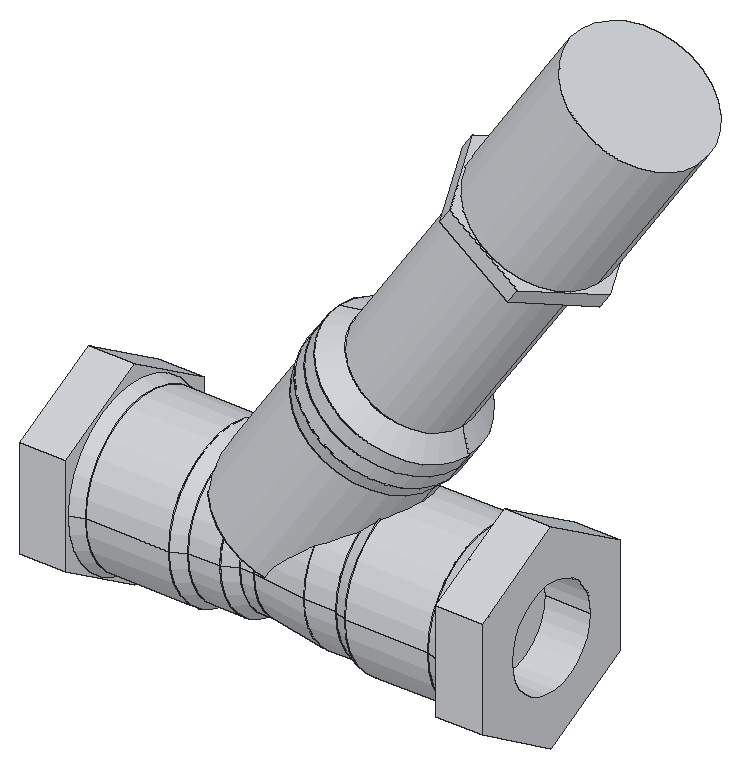
Revit family "DPRV_DN015_RFA_2018", category Pipe Accessories, Revit 2018
Family settings
  Round Connector Dimension = Use Diameter
  Part Type = Valve - Breaks Into
  Work Plane-Based = No
  Always vertical = Yes
  Cut with Voids When Loaded = No
  Shared = No
Parameters (values of type "DPRV-DN15")
  magiProductId = "0a1695ce379549c5bda4e9817c8a32"
  magiProductFamilyId = "2368235d042246b783f613dde97580"
  magiPartTypeId = 304
  isMeasuringValve [instance] = no
  ang2D [instance] = 0.00°
  Z1 = 26.012 mm
  Y6 = 12.75 mm
  Y5 = 11 mm
  Y3 = 12 mm
  Y15 = 10.71 mm
  Y14 = 12.6 mm
  Y12 = 9.1 mm
  Y11 = 11.9 mm
  Y10 = 11.2 mm
  Y0 = 9.9 mm
  XT0 = 8 mm
  X7 = 4.9 mm
  X6__ve = -X6  # -12.6 mm
  X6 = 12.6 mm
  X3 = 2.1 mm
  X1__ve = -X1  # -7 mm
  X1 = 7 mm
  X0 = 35 mm
  W2D = 15 mm
  VersionID = "2.0/2018.12.13.2/FRESE_DPRV_001"
  Use Minimum Symbol Size [instance] = no
  URL = "www.hydronix.cz"
  Type Comments = "závitový s vnitřním závitem; PN25; dpmax=600kPa; -20~+120°C"
  QmdConnectorList = "301;D;302;D"
  Productdata [instance] = ""
  Manufacturer = "Hydronix"
  MC Use Limits From Balancing Method = no
  MC Throttling Minimum Value = 0
  MC Throttling Maximum Value = 0
  MC Product Code = "48-0075; DN15 FF; nastavitelný rozsah 10-60kPa; kvs=3,5"
  MC Pressure Drop Minimum Value = 0.0 Pa
  MC Pressure Drop Maximum Value = 0.0 Pa
  MC Piping Given Pressure Drop [instance] = 0.0 Pa
  L3 = 15 mm
  L2D_Min = 30.48 mm
  L2D = 70 mm
  H6 = 31.012 mm
  H5 = 2.601 mm
  H2 = 21.677 mm
  Description = "Nastavitelný přepouštěcí ventil"
  DT2 = 7.5 mm
  D = 15 mm
  CenSd_Y14_6 = Y14 * cos(30.00°)  # 10.912 mm
  CenSd_L3_6 = L3 * cos(30.00°)  # 12.99 mm
  AA3 = 2.941 mm
  AA2 = 5.127 mm
Types (4, lengths in mm): name | magiProductId | Z1 | Y6 | Y5 | Y3 | Y15 | Y14 | Y12 | Y11 | Y10 | Y0 | X7 | X6__ve | X6 | X3 | X1__ve | X1 | X0 | MC Product Code | L3 | H6 | H5 | H2 | DT2 | D | CenSd_Y14_6 | CenSd_L3_6 | AA3 | AA2
  DPRV-DN15 | "0a1695ce379549c5bda4e9817c8a32" | 26.012 | 12.75 | 11 | 12 | 10.71 | 12.6 | 9.1 | 11.9 | 11.2 | 9.9 | 4.9 | -12.6 | 12.6 | 2.1 | -7 | 7 | 35 | "48-0075; DN15 FF; nastavitelný rozsah 10-60kPa; kvs=3,5" | 15 | 31.012 | 2.601 | 21.677 | 7.5 | 15 | 10.912 | 12.99 | 2.941 | 5.127
  DPRV-DN20 | "7bf90d6895024d90850a4e7c13d0c4" | 26.304 | 15.3 | 13.4 | 14.4 | 11.934 | 14.04 | 10.14 | 13.26 | 12.48 | 12.06 | 5.46 | -14.04 | 14.04 | 2.34 | -7.8 | 7.8 | 39 | "48-0076; DN20 FF; nastavitelný rozsah 10-60kPa; kvs=3,7" | 18 | 31.304 | 2.63 | 21.92 | 10 | 20 | 12.159 | 15.588 | 3.081 | 5.371
  DPRV-DN25 | "8f5d2c47d0804d84a9ee1a0f7163ce" | 28.345 | 19.55 | 17.4 | 18.4 | 13.311 | 15.66 | 11.31 | 14.79 | 13.92 | 15.66 | 6.09 | -15.66 | 15.66 | 2.61 | -8.7 | 8.7 | 43.5 | "48-0077; DN25 FF; nastavitelný rozsah 10-60kPa; kvs=8,3" | 23 | 33.345 | 2.835 | 23.621 | 12.5 | 25 | 13.562 | 19.919 | 3.991 | 6.958
  DPRV-DN32 | "4b273c145a0a4466be66f0b82dd13f" | 28.27 | 23.8 | 21.4 | 22.4 | 15.759 | 18.54 | 13.39 | 17.51 | 16.48 | 19.26 | 7.21 | -18.54 | 18.54 | 3.09 | -10.3 | 10.3 | 51.5 | "48-0078; DN32 FF; nastavitelný rozsah 10-60kPa; kvs=10,5" | 28 | 33.27 | 2.827 | 23.558 | 16 | 32 | 16.056 | 24.249 | 4.131 | 7.203
Reference planes
  plane 1 "Center (Front/Back)": y = 0
  plane 2 "XYPLANE": z = 0
  plane 3 "Center (Left/Right)": x = 0
  plane 4 "733": through (-616.051, 0, 427.773) normal (0.5736, 0, 0.8192)
  plane 5 "722": through (-614.364, 0, 430.182) normal (0.5736, 0, 0.8192)
  plane 6 "680": through (-595.963, 0, 456.462) normal (0.5736, 0, 0.8192)
  plane 7 "673": through (-576.683, 0, 483.997) normal (0.5736, 0, 0.8192)
  plane 8 "667": x = 6.3
  plane 9 "666": x = -2.1
  plane 10 "664": x = -4.2
  plane 11 "662": x = -6.3
  plane 12 "540": through (-598.947, 0, 452.201) normal (0.5736, 0, 0.8192)
  plane 13 "539": through (-578.175, 0, 481.866) normal (0.5736, 0, 0.8192)
  plane 14 "535": through (-597.455, 0, 454.331) normal (0.5736, 0, 0.8192)
  plane 15 "531": through (-600.439, 0, 450.07) normal (0.5736, 0, 0.8192)
  plane 16 "528": through (-601.931, 0, 447.939) normal (0.5736, 0, 0.8192)
  plane 17 "512": y = 0
  plane 18 "510": through (425.982, 0, 617.305) normal (0.8192, 0, -0.5736)
  plane 19 "369": x = 11.2
  plane 20 "367": x = 13.3
  plane 21 "366": x = 28
  plane 22 "365": x = 25.9
  plane 23 "354": x = -11.2
  plane 24 "54": x = -13.3
  plane 25 "49": x = -25.9
  plane 26 "18": x = -28
  plane 27 "8": x = 35
  plane 28 "7": x = -35
  plane 29 "3": z = 0
  plane 30 "2": y = 0
  plane 31 "507XY": through (-614.364, 0, 430.182) normal (0.5736, 0, 0.8192)
  plane 32 "507XZ": y = 0
  plane 33 "507YZ": through (430.182, 0, 614.364) normal (0.8192, 0, -0.5736)
Forms (mm)
  Extrusion 1, solid
    sketch origin (-576.683, 0, 483.997) x (0.819152, 0, -0.573576) y (0, 1, 0)
      loop
        circle (744.873, 0) r 10.71
    from 0 to 26.012 <- "Z1"
  Extrusion 2, solid
    sketch origin (-578.175, 0, 481.866) x (0.819152, 0, -0.573576) y (0, 1, 0)
      loop
        line (757.473, 0) -> (751.173, 10.912) -> (738.573, 10.912) -> (732.273, 0) -> (738.573, -10.912) -> (751.173, -10.912) -> (757.473, 0)
    from 0 to 2.601 <- "H5"
  Blend 3, solid
    base sketch origin (-597.455, 0, 454.331) x (0.819152, 0, -0.573576) y (0, 1, 0)
      loop
        circle (744.873, 0) r 11.9
    top sketch origin (-597.455, 0, 454.331) x (0.819152, 0, -0.573576) y (0, 1, 0)
      loop
        circle (744.873, 0) r 9.1
    from 0 to 2.601
  Blend 4, solid
    base sketch origin (-601.931, 0, 447.939) x (0.819152, 0, -0.573576) y (0, 1, 0)
      loop
        circle (744.873, 0) r 11.2
    top sketch origin (-601.931, 0, 447.939) x (0.819152, 0, -0.573576) y (0, 1, 0)
      loop
        circle (744.873, 0) r 11.9
    from 0 to 2.601
  Blend 5, solid
    base sketch origin (-2.1, -750, 0) x (0, 1, 0) y (0, 0, 1)
      loop
        circle (750, 0) r 9.9
    top sketch origin (-2.1, -750, 0) x (0, 1, 0) y (0, 0, 1)
      loop
        circle (750, 0) r 11
    from 0 to 8.4
  Extrusion 6, solid
    sketch origin (-4.2, -750, 0) x (0, 1, 0) y (0, 0, 1)
      loop
        circle (750, 0) r 9.9
    from 0 to 2.1 <- "X3"
  Blend 7, solid
    base sketch origin (-6.3, -750, 0) x (0, 1, 0) y (0, 0, 1)
      loop
        circle (750, 0) r 11
    top sketch origin (-6.3, -750, 0) x (0, 1, 0) y (0, 0, 1)
      loop
        circle (750, 0) r 9.9
    from 0 to 2.1
  Extrusion 8, solid
    sketch origin (6.3, -750, 0) x (0, 1, 0) y (0, 0, 1)
      loop
        circle (750, 0) r 11
    from 0 to 4.9 <- "X7"
  Blend 9, solid
    base sketch origin (-614.364, 0, 430.182) x (0.819152, 0, -0.573576) y (0, 1, 0)
      loop
        circle (744.873, 0) r 11.2
    top sketch origin (-614.364, 0, 430.182) x (0.819152, 0, -0.573576) y (0, 1, 0)
      loop
        circle (744.873, 0) r 8
    from 0 to -2.941
  Extrusion 10, solid
    sketch origin (-595.963, 0, 456.462) x (0.819152, 0, -0.573576) y (0, 1, 0)
      loop
        circle (744.873, 0) r 9.1
    from 0 to 31.012 <- "H6"
  Extrusion 11, solid
    sketch origin (-598.947, 0, 452.201) x (0.819152, 0, -0.573576) y (0, 1, 0)
      loop
        circle (744.873, 0) r 11.9
    from 0 to 2.601 <- "H5"
  Extrusion 12, solid
    sketch origin (-600.439, 0, 450.07) x (0.819152, 0, -0.573576) y (0, 1, 0)
      loop
        circle (744.873, 0) r 11.9
    from 0 to 2.601 <- "H5"
  Extrusion 13, solid
    sketch origin (-614.364, 0, 430.182) x (0.819152, 0, -0.573576) y (0, 1, 0)
      loop
        circle (744.873, 0) r 11.2
    from 0 to 21.677 <- "H2"
  Blend 14, solid
    base sketch origin (13.3, -750, 0) x (0, 1, 0) y (0, 0, 1)
      loop
        circle (750, 0) r 12
    top sketch origin (13.3, -750, 0) x (0, 1, 0) y (0, 0, 1)
      loop
        circle (750, 0) r 11
    from 0 to -2.1
  Extrusion 15, solid
    sketch origin (25.9, -750, 0) x (0, 1, 0) y (0, 0, 1)
      loop
        circle (750, 0) r 12
    from 0 to -12.6 <- "X6__ve"
  Extrusion 16, solid
    sketch origin (-11.2, -750, 0) x (0, 1, 0) y (0, 0, 1)
      loop
        circle (750, 0) r 11
    from 0 to 4.9 <- "X7"
  Extrusion 17, solid
    sketch origin (-25.9, -750, 0) x (0, 1, 0) y (0, 0, 1)
      loop
        circle (750, 0) r 12
    from 0 to 12.6 <- "X6"
  Blend 18, solid
    base sketch origin (-13.3, -750, 0) x (0, 1, 0) y (0, 0, 1)
      loop
        circle (750, 0) r 12
    top sketch origin (-13.3, -750, 0) x (0, 1, 0) y (0, 0, 1)
      loop
        circle (750, 0) r 11
    from 0 to 2.1
  Extrusion 19, solid
    sketch origin (-35, -750, 0) x (0, 1, 0) y (0, 0, 1)
      loop
        line (750, 15) -> (737.01, 7.5) -> (737.01, -7.5) -> (750, -15) -> (762.99, -7.5) -> (762.99, 7.5) -> (750, 15)
      loop
        circle (750, 0) r 7.5
    from 0 to 7 <- "X1"
  Blend 20, solid
    base sketch origin (28, -750, 0) x (0, 1, 0) y (0, 0, 1)
      loop
        circle (750, 0) r 12.75
    top sketch origin (28, -750, 0) x (0, 1, 0) y (0, 0, 1)
      loop
        circle (750, 0) r 12
    from 0 to -2.1
  Extrusion 21, solid
    sketch origin (35, -750, 0) x (0, 1, 0) y (0, 0, 1)
      loop
        line (750, 15) -> (737.01, 7.5) -> (737.01, -7.5) -> (750, -15) -> (762.99, -7.5) -> (762.99, 7.5) -> (750, 15)
      loop
        circle (750, 0) r 7.5
    from 0 to -7 <- "X1__ve"
  Blend 22, solid
    base sketch origin (-28, -750, 0) x (0, 1, 0) y (0, 0, 1)
      loop
        circle (750, 0) r 12.75
    top sketch origin (-28, -750, 0) x (0, 1, 0) y (0, 0, 1)
      loop
        circle (750, 0) r 12
    from 0 to 2.1
  Extrusion 23, solid, not visible
    sketch origin (35, -750, 0) x (0, 1, 0) y (0, 0, 1)
      loop
        circle (750, 0) r 10
    from 0 to -10
  Extrusion 24, solid, not visible
    sketch origin (-35, -750, 0) x (0, 1, 0) y (0, 0, 1)
      loop
        circle (750, 0) r 10
    from 0 to 10
Lines and regions (mm)
  reference lines, not visible
    curve 1: circle (2, 2, 0) r 1 normal (0, 0, 1)
  reference lines
    curve 2: line (31.989, 0, 54.625) -> (29.409, 5.456, 56.431)
    curve 3: line (31.989, 0, 54.625) -> (26.829, 0, 58.238)
    curve 4: line (31.989, 0, 54.625) -> (29.409, -5.456, 56.431)
    curve 5: line (-35, 0, 0) -> (-35, -6.495, -3.75)
    curve 6: line (-35, 0, 0) -> (-35, 0, -7.5)
    curve 7: line (-35, 0, 0) -> (-35, 6.495, -3.75)
    curve 8: line (35, 0, 0) -> (35, -6.495, -3.75)
    curve 9: line (35, 0, 0) -> (35, 0, -7.5)
    curve 10: line (35, 0, 0) -> (35, 6.495, -3.75)
Dimensions and locks
  plane 1 "Center (Front/Back)" to curve 1 = 2 mm
  "AA3": plane 31 "507XY" to plane 4 "733"
  locked: plane 31 "507XY" to plane 5 "722"
  "H5": plane 14 "535" to plane 6 "680"
  "H5": plane 13 "539" to plane 7 "673"
  "X7": plane 19 "369" to plane 8 "667"
  "X3": plane 10 "664" to plane 9 "666"
  "X3": plane 11 "662" to plane 10 "664"
  "X7": plane 23 "354" to plane 11 "662"
  "H5": plane 15 "531" to plane 12 "540"
  "H6": plane 6 "680" to plane 13 "539"
  "H5": plane 12 "540" to plane 14 "535"
  "H5": plane 16 "528" to plane 15 "531"
  "H2": plane 31 "507XY" to plane 16 "528"
  locked: plane 32 "507XZ" to plane 17 "512"
  "AA2": plane 33 "507YZ" to plane 18 "510"
  "X3": plane 20 "367" to plane 19 "369"
  "X6": plane 22 "365" to plane 20 "367"
  "X1": plane 27 "8" to plane 21 "366"
  "X3": plane 21 "366" to plane 22 "365"
  "X3": plane 24 "54" to plane 23 "354"
  "X6": plane 25 "49" to plane 24 "54"
  "X3": plane 26 "18" to plane 25 "49"
  "X1": plane 28 "7" to plane 26 "18"
  "X0": plane 3 "Center (Left/Right)" to plane 27 "8"
  "X0": plane 3 "Center (Left/Right)" to plane 28 "7"
  locked: plane 2 "XYPLANE" to plane 29 "3"
  locked: plane 1 "Center (Front/Back)" to plane 30 "2"
  "CenSd_Y14_6": curve 2 to Extrusion 2 sketch curve  (x2)
  "CenSd_Y14_6": curve 3 to Extrusion 2 sketch curve  (x2)
  "CenSd_Y14_6": curve 4 to Extrusion 2 sketch curve  (x2)
  Extrusion 2 sketch curve to Extrusion 2 sketch curve = 0 mm  (x12)
  "CenSd_L3_6": curve 5 to Extrusion 19 sketch curve  (x2)
  "CenSd_L3_6": curve 6 to Extrusion 19 sketch curve  (x2)
  "CenSd_L3_6": curve 7 to Extrusion 19 sketch curve  (x2)
  Extrusion 19 sketch curve to Extrusion 19 sketch curve = 0 mm  (x12)
  "CenSd_L3_6": curve 8 to Extrusion 21 sketch curve  (x2)
  "CenSd_L3_6": curve 9 to Extrusion 21 sketch curve  (x2)
  "CenSd_L3_6": curve 10 to Extrusion 21 sketch curve  (x2)
  Extrusion 21 sketch curve to Extrusion 21 sketch curve = 0 mm  (x12)
  "Y15": radius of Extrusion 1 sketch curve
  "Y12": radius of Blend 3 sketch curve
  "Y11": radius of Blend 3 sketch curve
  "Y11": radius of Blend 4 sketch curve
  "Y10": radius of Blend 4 sketch curve
  "Y5": radius of Blend 5 sketch curve
  "Y0": radius of Blend 5 sketch curve
  "Y0": radius of Extrusion 6 sketch curve
  "Y0": radius of Blend 7 sketch curve
  "Y5": radius of Blend 7 sketch curve
  "Y5": radius of Extrusion 8 sketch curve
  "XT0": radius of Blend 9 sketch curve
  "Y10": radius of Blend 9 sketch curve
  "Y12": radius of Extrusion 10 sketch curve
  "Y11": radius of Extrusion 11 sketch curve
  "Y11": radius of Extrusion 12 sketch curve
  "Y10": radius of Extrusion 13 sketch curve
  "Y5": radius of Blend 14 sketch curve
  "Y3": radius of Blend 14 sketch curve
  "Y3": radius of Extrusion 15 sketch curve
  "Y5": radius of Extrusion 16 sketch curve
  "Y3": radius of Extrusion 17 sketch curve
  "Y5": radius of Blend 18 sketch curve
  "Y3": radius of Blend 18 sketch curve
  "DT2": radius of Extrusion 19 sketch curve
  "Y3": radius of Blend 20 sketch curve
  "Y6": radius of Blend 20 sketch curve
  "DT2": radius of Extrusion 21 sketch curve
  "Y3": radius of Blend 22 sketch curve
  "Y6": radius of Blend 22 sketch curve
  locked: curve 3 to curve 2 (angle 60.00°)
  locked: curve 4 to curve 3 (angle 60.00°)
  locked: curve 4 to curve 2 (angle 120.00°)
  locked: curve 6 to curve 5 (angle 60.00°)
  locked: curve 7 to curve 6 (angle 60.00°)
  locked: curve 7 to curve 5 (angle 120.00°)
  locked: curve 9 to curve 8 (angle 60.00°)
  locked: curve 10 to curve 9 (angle 60.00°)
  locked: curve 10 to curve 8 (angle 120.00°)
  aligned and locked: level to plane 2 "XYPLANE"
  aligned and locked: plane 17 "512" to Extrusion 1 sketch curve
  aligned and locked: Extrusion 1 sketch curve to plane 18 "510"
  aligned and locked: curve 2 to plane 18 "510"
  aligned and locked: plane 17 "512" to curve 3
  aligned and locked: plane 17 "512" to Blend 3 sketch curve  (x2)
  aligned and locked: Blend 3 sketch curve to plane 18 "510"  (x2)
  aligned and locked: plane 6 "680" to Blend 3
  aligned and locked: plane 17 "512" to Blend 4 sketch curve  (x2)
  aligned and locked: Blend 4 sketch curve to plane 18 "510"  (x2)
  aligned and locked: plane 15 "531" to Blend 4
  aligned and locked: plane 29 "3" to Blend 5 sketch curve  (x2)
  aligned and locked: Blend 5 sketch curve to plane 30 "2"  (x2)
  aligned and locked: plane 8 "667" to Blend 5
  aligned and locked: plane 29 "3" to Extrusion 6 sketch curve
  aligned and locked: Extrusion 6 sketch curve to plane 30 "2"
  aligned and locked: plane 29 "3" to Blend 7 sketch curve  (x2)
  aligned and locked: Blend 7 sketch curve to plane 30 "2"  (x2)
  aligned and locked: plane 10 "664" to Blend 7
  aligned and locked: plane 29 "3" to Extrusion 8 sketch curve
  aligned and locked: Extrusion 8 sketch curve to plane 30 "2"
  aligned and locked: plane 17 "512" to Blend 9 sketch curve  (x2)
  aligned and locked: Blend 9 sketch curve to plane 18 "510"  (x2)
  aligned and locked: Blend 9 to plane 4 "733"
  aligned and locked: plane 17 "512" to Extrusion 10 sketch curve
  aligned and locked: Extrusion 10 sketch curve to plane 18 "510"
  aligned and locked: plane 17 "512" to Extrusion 11 sketch curve
  aligned and locked: Extrusion 11 sketch curve to plane 18 "510"
  aligned and locked: plane 17 "512" to Extrusion 12 sketch curve
  aligned and locked: Extrusion 12 sketch curve to plane 18 "510"
  aligned and locked: plane 17 "512" to Extrusion 13 sketch curve
  aligned and locked: Extrusion 13 sketch curve to plane 18 "510"
  aligned and locked: plane 29 "3" to Blend 14 sketch curve  (x2)
  aligned and locked: Blend 14 sketch curve to plane 30 "2"  (x2)
  aligned and locked: Blend 14 to plane 19 "369"
  aligned and locked: plane 29 "3" to Extrusion 15 sketch curve
  aligned and locked: Extrusion 15 sketch curve to plane 30 "2"
  aligned and locked: plane 29 "3" to Extrusion 16 sketch curve
  aligned and locked: Extrusion 16 sketch curve to plane 30 "2"
  aligned and locked: plane 29 "3" to Extrusion 17 sketch curve
  aligned and locked: Extrusion 17 sketch curve to plane 30 "2"
  aligned and locked: plane 29 "3" to Blend 18 sketch curve  (x2)
  aligned and locked: Blend 18 sketch curve to plane 30 "2"  (x2)
  aligned and locked: plane 23 "354" to Blend 18
  aligned and locked: plane 29 "3" to curve 7
  aligned and locked: curve 7 to plane 30 "2"
  aligned and locked: plane 29 "3" to Extrusion 19 sketch curve
  aligned and locked: Extrusion 19 sketch curve to plane 30 "2"
  aligned and locked: plane 29 "3" to Blend 20 sketch curve  (x2)
  aligned and locked: Blend 20 sketch curve to plane 30 "2"  (x2)
  aligned and locked: Blend 20 to plane 22 "365"
  aligned and locked: plane 29 "3" to curve 10
  aligned and locked: curve 10 to plane 30 "2"
  aligned and locked: plane 29 "3" to Extrusion 21 sketch curve
  aligned and locked: Extrusion 21 sketch curve to plane 30 "2"
  aligned and locked: plane 29 "3" to Blend 22 sketch curve  (x2)
  aligned and locked: Blend 22 sketch curve to plane 30 "2"  (x2)
  aligned and locked: plane 25 "49" to Blend 22
  aligned and locked: plane 29 "3" to Extrusion 23 sketch curve
  aligned and locked: Extrusion 23 sketch curve to plane 30 "2"
  aligned and locked: plane 29 "3" to Extrusion 24 sketch curve
  aligned and locked: Extrusion 24 sketch curve to plane 30 "2"
Automatic sketch dimensions
  plane 1 "Center (Front/Back)" to Extrusion 23 sketch curve = 10 mm
  plane 1 "Center (Front/Back)" to Extrusion 24 sketch curve = 10 mm
  plane 3 "Center (Left/Right)" to curve 1 = 2 mm
  radius of curve 1 = 1 mm
Connectors
  piping at (-35, 0, 0), diameter 15, driven by "D"
    settings: on Extrusion 24, index 1, connector inside diameter 609.6 mm, connector length 0 mm, flow factor 0, pipe flow 0.0 L/s, pressure drop 0.0 Pa, fitting loss kfactor 0, connector angle 0.00°, fixture units 0, engagement length 0 mm, angle of deflection 0.00°, flow configuration 0, flow direction 0, fitting loss method 0, system type 29, joint type 0, gender type 0, connector reference index 2, connector utility 0, adjustable connector no, is connector primary yes, connector description ""
  piping at (35, 0, 0), diameter 15, driven by "D"
    settings: on Extrusion 23, index 2, connector inside diameter 609.6 mm, connector length 0 mm, flow factor 0, pipe flow 0.0 L/s, pressure drop 0.0 Pa, fitting loss kfactor 0, connector angle 0.00°, fixture units 0, engagement length 0 mm, angle of deflection 0.00°, flow configuration 0, flow direction 0, fitting loss method 0, system type 29, joint type 0, gender type 0, connector reference index 1, connector utility 0, adjustable connector no, is connector primary no, connector description ""
